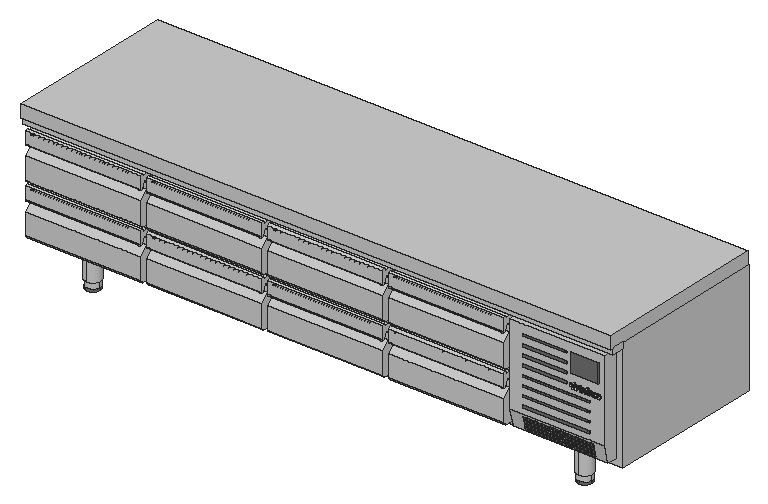
Revit family "QF_INFRICO_MSG2400_250814085953", category Specialty Equipment, Revit 2021 (continued)
Definition of nested family "QF_INFRICO_JCAJ17MSG1-2_7317"
  Reference planes
    plane 6 "Top": z = 398.04
  Forms (mm)
    Extrusion 1, solid, visible <- "Show Clearance", detail levels coarse
      sketch origin (0, -23.01, -522.52) x (0, 1, 0) y (0, 0, 1)
        loop
          line (-38.2, 522.52) -> (-38.2, 718.567) -> (-464, 718.567) -> (-464, 522.52) -> (-38.2, 522.52)
      from 0 to 467
    Extrusion 2, solid
      sketch origin (0, 142.338, -423.681) x (0, 1, 0) y (0, 0, 1)
        loop
          line (-159.338, 423.681) -> (-159.338, 619.729) -> (-170.338, 619.729) -> (-170.338, 612.415) -> (-188.747, 607.482) -> (-195.817, 619.729) -> (-203.548, 615.265) -> (-203.548, 563.266)
          arc (-203.548, 563.266) -> (-202.267, 561.699) -> (-200.476, 562.641) r 1.6
          line (-200.476, 562.641) -> (-190.041, 587.224)
          arc (-190.041, 587.224) -> (-189.333, 588.09) -> (-188.27, 588.441) r 2
          line (-188.27, 588.441) -> (-178.392, 588.786)
          arc (-178.392, 588.786) -> (-177.14, 588.4) -> (-176.395, 587.322) r 2
          line (-176.395, 587.322) -> (-173.478, 576.804) -> (-173.478, 553.051) -> (-203.548, 522.981) -> (-203.548, 433.681) -> (-193.548, 423.681) -> (-159.338, 423.681)
      from 0 to 467
    Extrusion 3, solid
      sketch origin (547, 0, -15) x (-1, 0, 0) y (0, 0, -1)
        loop
          line (542, -206.047) -> (542, -20) -> (85, -20) -> (85, -206.047) -> (542, -206.047)
        loop
          line (115, -176.047) -> (512, -176.047) -> (512, -50) -> (115, -50) -> (115, -176.047)
      from 0 to 17
    Extrusion 4, solid
      sketch origin (0, 142.338, -221.634) x (0, 1, 0) y (0, 0, 1)
        loop
          line (-159.338, 423.681) -> (-159.338, 619.729) -> (-170.338, 619.729) -> (-170.338, 612.415) -> (-188.747, 607.482) -> (-195.786, 619.674) -> (-203.548, 615.192) -> (-203.548, 563.266)
          arc (-203.548, 563.266) -> (-202.267, 561.699) -> (-200.476, 562.641) r 1.6
          line (-200.476, 562.641) -> (-190.041, 587.224)
          arc (-190.041, 587.224) -> (-189.333, 588.09) -> (-188.27, 588.441) r 2
          line (-188.27, 588.441) -> (-178.392, 588.786)
          arc (-178.392, 588.786) -> (-177.14, 588.4) -> (-176.395, 587.322) r 2
          line (-176.395, 587.322) -> (-173.478, 576.804) -> (-173.478, 553.051) -> (-203.548, 522.981) -> (-203.548, 433.681) -> (-193.548, 423.681) -> (-159.338, 423.681)
      from 0 to 467
    Extrusion 5, solid, visible <- "Show Clearance", detail levels coarse
      sketch origin (0, -23.01, -320.473) x (0, 1, 0) y (0, 0, 1)
        loop
          line (-38.2, 522.52) -> (-38.2, 718.567) -> (-464, 718.567) -> (-464, 522.52) -> (-38.2, 522.52)
      from 0 to 467
    Extrusion 6, solid
      sketch origin (547, 0, 187.047) x (-1, 0, 0) y (0, 0, -1)
        loop
          line (542, -206.047) -> (542, -20) -> (85, -20) -> (85, -206.047) -> (542, -206.047)
        loop
          line (115, -176.047) -> (512, -176.047) -> (512, -50) -> (115, -50) -> (115, -176.047)
      from 0 to 17
  Lines and regions (mm)
    symbolic lines, visible <- "Show Clearance"
      curve 1: line (0, -447.01, 0) -> (467, -447.01, 0)
      curve 2: line (0, -447.01, 0) -> (0, -487.01, 0)
      curve 3: line (0, -487.01, 0) -> (467, -487.01, 0)
      curve 4: line (467, -447.01, 0) -> (467, -487.01, 0)
      curve 5: line (30, -62, 0) -> (30, -234.5, 0)
      curve 6: line (437, -234.5, 0) -> (437, -62, 0)
      curve 7: line (0, -234.5, 0) -> (467, -234.5, 0)
      curve 8: line (0, -234.5, 0) -> (0, -274.5, 0)
      curve 9: line (0, -274.5, 0) -> (467, -274.5, 0)
      curve 10: line (467, -234.5, 0) -> (467, -274.5, 0)
      curve 11: line (437, -274.5, 0) -> (437, -447.01, 0)
      curve 12: line (30, -274.5, 0) -> (30, -447.01, 0)
  Dimensions and locks
    plane 6 "Top" to level = 398.04 mm  (x2)
    plane 1 "Back" to plane 5 "Front" = 487.01 mm  (x2)
    plane 4 "Right" to plane 3 "Left" = 467 mm
    aligned and locked: level to plane 2
Definition of nested family "QF_INFRICO_WORKTOP_8142"
  Parameters (values of type "WRKT20_30")
    Weight [instance] = 0.00 kg
    Warranty Start Date [instance] = ""
    Warranty Duration [instance] = ""
    URL Cutsheet [instance] = ""
    URL = "www.infrico.com"
    Technical Documentation [instance] = ""
    Tag Number [instance] = ""
    Status [instance] = ""
    Specification by User [instance] = ""
    Specification by Manufacturer [instance] = ""
    Sound Level [instance] = ""
    Solid Fuel Type [instance] = ""
    Show Logo [instance] = yes
    Show Clearances [instance] = yes
    Show Clearance [instance] = yes
    Service Life Duration [instance] = ""
    Serial Number [instance] = ""
    Seismic Rating [instance] = ""
    SMACNA No [instance] = ""
    Revision Code [instance] = ""
    Revision [instance] = ""
    Production Year [instance] = ""
    Point Load [instance] = 0
    Other Equipment Approvals [instance] = ""
    NAFEM Spec ID Number [instance] = ""
    Model Warning [instance] = ""
    Model = "WRKT20_30"
    Masterspec [instance] = ""
    Manufacturer = "INFRICO"
    Length Actual [instance] = 0 mm
    Length = 1960 mm
    Item Number [instance] = ""
    Installed By [instance] = ""
    Installation Date [instance] = ""
    Identify Quantity as Lot [instance] = yes
    ID [instance] = ""
    Hygiene Approval [instance] = ""
    Height Actual [instance] = 0 mm
    Furnished By [instance] = ""
    Foodservice Equipment Identifier [instance] = yes
    ETL Approved [instance] = yes
    Description = "WORKTOP WHITOUT BACKSPLASH 2000_300"
    Depth Actual [instance] = 0 mm
    Depth = 300 mm
    Default Elevation = 0 mm
    CSI MasterFormat [instance] = ""
    CE Approved [instance] = yes
    Barcode [instance] = ""
    Author [instance] = ""
    Asset Identifier [instance] = ""
    Assembly Code = "E1090320"
    Accessory [instance] = yes
  Types (38, lengths in mm): name | Model | Length | Description | Depth
    ENC12SPGN19 | "ENC12SPGN19" | 1960 | "WORKTOP WITHOUT BACKSPLASH" | 700
    ENC12SPGN14 | "ENC12SPGN14" | 1468 | "WORKTOP WITHOUT BACKSPLASH" | 700
    ENC12SPGN24 | "ENC12SPGN24" | 2452 | "WORKTOP WITHOUT BACKSPLASH" | 700
    ENC12SPGN14R | "ENC12SPGN14R" | 1160 | "WORKTOP WITHOUT BACKSPLASH" | 700
    ENC12SPGN19R | "ENC12SPGN19R" | 1652 | "WORKTOP WITHOUT BACKSPLASH" | 700
    ENC12SPGN24R | "ENC12SPGN24R" | 2144 | "WORKTOP WITHOUT BACKSPLASH" | 700
    ENC12SPBM20 | "ENC12SPBM20" | 1960 | "WORKTOP WITHOUT BACKSPLASH" | 600
    ENC12SPBM15 | "ENC12SPBM15" | 1468 | "WORKTOP WITHOUT BACKSPLASH" | 600
    ENC12SPBM25 | "ENC12SPBM25" | 2452 | "WORKTOP WITHOUT BACKSPLASH" | 600
    ENC12SPBM15R | "ENC12SPBM15R" | 1160 | "WORKTOP WITHOUT BACKSPLASH" | 600
    ENC12SPBM20R | "ENC12SPBM20R" | 1652 | "WORKTOP WITHOUT BACKSPLASH" | 600
    ENC12SPMR16 | "ENC12SPMR16" | 1618 | "WORKTOP WITHOUT BACKSPLASH" | 800
    ENC12SPMR21 | "ENC12SPMR21" | 2185 | "WORKTOP WITHOUT BACKSPLASH" | 800
    ENC12SPMR27 | "ENC12SPMR27" | 2752 | "WORKTOP WITHOUT BACKSPLASH" | 800
    ENC12SPMR16R | "ENC12SPMR16R" | 1310 | "WORKTOP WITHOUT BACKSPLASH" | 800
    ENC12SPMR21R | "ENC12SPMR21R" | 1877 | "WORKTOP WITHOUT BACKSPLASH" | 800
    ENC12SPMR27R | "ENC12SPMR27R" | 2444 | "WORKTOP WITHOUT BACKSPLASH" | 800
    ENC12SPBM25R | "ENC12SPBM25R" | 2144 | "WORKTOP WITHOUT BACKSPLASH" | 600
    ENC12SPMS20 | "ENC12SPMS20" | 2000 | "WORKTOP WITHOUT BACKSPLASH" | 700
    ENC12SPMS24 | "ENC12SPMS24" | 2400 | "WORKTOP WITHOUT BACKSPLASH" | 700
    ENC12SPMS10 | "ENC12SPMS10" | 1000 | "WORKTOP WITHOUT BACKSPLASH" | 700
    ENC12SPMS14 | "ENC12SPMS14" | 1400 | "WORKTOP WITHOUT BACKSPLASH" | 700
    ENC12SPMS16 | "ENC12SPMS16" | 1600 | "WORKTOP WITHOUT BACKSPLASH" | 700
    ENC12SPME10 | "ENC12SPME10" | 978 | "WORKTOP WITHOUT BACKSPLASH" | 700
    ENC12SPME14 | "ENC12SPME14" | 1460 | "WORKTOP WITHOUT BACKSPLASH" | 700
    WRKT10_30 | "WRKT10_30" | 1000 | "WORKTOP WHITOUT BACKSPLASH 1000_300" | 300
    WRKT10_60 | "WRKT10_60" | 1000 | "WORKTOP WHITOUT BACKSPLASH 1000_600" | 600
    WRKT15_30 | "WRKT15_30" | 1468 | "WORKTOP WHITOUT BACKSPLASH 1500_300" | 300
    WRKT15_60 | "WRKT15_60" | 1468 | "WORKTOP WHITOUT BACKSPLASH 1500_600" | 600
    WRKT20_30 | "WRKT20_30" | 1960 | "WORKTOP WHITOUT BACKSPLASH 2000_300" | 300
    WRKT20_60 | "WRKT20_60" | 1960 | "WORKTOP WHITOUT BACKSPLASH 2000_600" | 600
    WRKT25_30 | "WRKT25_30" | 2452 | "WORKTOP WHITOUT BACKSPLASH 2500_300" | 300
    WRKT25_60 | "WRKT25_60" | 2452 | "WORKTOP WHITOUT BACKSPLASH 2500_600" | 600
    WRKT15_60_MT | "WRKT15_60_MT" | 1500 | "WORKTOP WHITOUT BACKSPLASH 1500_600" | 600
    WRKT15_70_MT | "WRKT15_70_MT" | 1500 | "WORKTOP WHITOUT BACKSPLASH 1500_700" | 700
    WRKT20_70_MT | "WRKT20_70_MT" | 2000 | "WORKTOP WHITOUT BACKSPLASH 2000_700" | 700
    WRKT20_60_MT | "WRKT20_60_MT" | 2000 | "WORKTOP WHITOUT BACKSPLASH 2000_600" | 600
    WRKT10_70_MT | "WRKT10_70_MT" | 1000 | "WORKTOP WHITOUT BACKSPLASH 1000_700" | 700
  Reference planes
    plane 1 "Back": y = 0
    plane 2: z = 0
    plane 3 "Left": x = 0
    plane 4 "Right": x = 1960
    plane 5 "Front": y = -300
    plane 6 "Top": z = 50
  Forms (mm)
    Extrusion 1, solid
      sketch origin (0, 0, -800) x (0, 1, 0) y (0, 0, 1)
        loop
          line (0, 850) -> (-300, 850) -> (-300, 800) -> (0, 800) -> (0, 850)
      from 0 to 1960
  Lines and regions (mm)
    symbolic lines
      curve 1: line (1960, 0, 0) -> (0, 0, 0)
      curve 2: line (0, 0, 0) -> (0, -300, 0)
      curve 3: line (0, -300, 0) -> (1960, -300, 0)
      curve 4: line (1960, -300, 0) -> (1960, 0, 0)
  Dimensions and locks
    plane 4 "Right" to plane 3 "Left" = 1960 mm
    plane 6 "Top" to level = 50 mm
    plane 1 "Back" to plane 5 "Front" = 300 mm
    "Length": plane 3 "Left" to plane 4 "Right"
    "Depth": plane 1 "Back" to plane 5 "Front"
    aligned and locked: level to plane 2
    aligned and locked: Extrusion 1 to plane 4 "Right"
  Automatic sketch dimensions
    plane 1 "Back" to curve 1 = 0 mm
    curve 1 to plane 3 "Left" = 0 mm
    curve 3 to plane 4 "Right" = 0 mm
    curve 3 to plane 5 "Front" = 0 mm
    Extrusion 1 sketch curve to plane 5 "Front" = 0 mm
    Extrusion 1 sketch curve to level = 0 mm
    Extrusion 1 sketch curve to plane 1 "Back" = 0 mm
    Extrusion 1 sketch curve to plane 6 "Top" = 0 mm
Definition of nested family "CONN_POINT_DRAIN_2D___Generic_Annotation"
  Parameters (values of type "CONN_POINT_DRAIN_2D___Generic_Annotation")
    Onboard connection annotation symbol visibility [instance] = yes
  Reference planes
    plane 1: y = 0
    plane 2: x = 0
  Lines and regions (mm)
    detail lines, visible <- "Onboard connection annotation symbol visibility"
      curve 1: circle (0, 0, 0) r 0.5 normal (0, 0, 1)
      curve 2: line (-1, 0, 0) -> (1, 0, 0)
      curve 3: line (0, 1, 0) -> (0, -1, 0)
      curve 4: line (1.776, 1, 0) -> (1.25, 1, 0)
      curve 5: line (1.25, 1, 0) -> (1.25, -1, 0)
      curve 6: line (1.25, -1, 0) -> (1.776, -1, 0)
      curve 7: arc (2.206, -0.862, 0) -> (2.459, -0.589, 0) -> (2.583, -0.238, 0) r 0.918
      curve 8: arc (2.583, 0.238, 0) -> (2.459, 0.589, 0) -> (2.206, 0.862, 0) r 0.918
      curve 9: arc (2.583, -0.238, 0) -> (2.599, 0, 0) -> (2.583, 0.238, 0) r 1.77
      curve 10: arc (2.206, 0.862, 0) -> (2.002, 0.965, 0) -> (1.776, 1, 0) r 0.741
      curve 11: arc (1.776, -1, 0) -> (2.002, -0.965, 0) -> (2.206, -0.862, 0) r 0.741
Definition of nested family "CONN_POINT_ELE_2D___Generic_Annotation"
  Parameters (values of type "CONN_POINT_ELE_2D___Generic_Annotation")
    Onboard connection annotation symbol visibility [instance] = yes
  Reference planes
    plane 1: y = 0
    plane 2: x = 0
  Lines and regions (mm)
    detail lines, visible <- "Onboard connection annotation symbol visibility"
      curve 1: circle (0, 0, 0) r 0.5 normal (0, 0, 1)
      curve 2: line (-1, 0, 0) -> (1, 0, 0)
      curve 3: line (0, 1, 0) -> (0, -1, 0)
      curve 4: line (2.5, 1, 0) -> (1.25, 1, 0)
      curve 5: line (1.25, 1, 0) -> (1.25, -1, 0)
      curve 6: line (1.25, -1, 0) -> (2.5, -1, 0)
      curve 7: line (1.25, 0, 0) -> (2, 0, 0)
